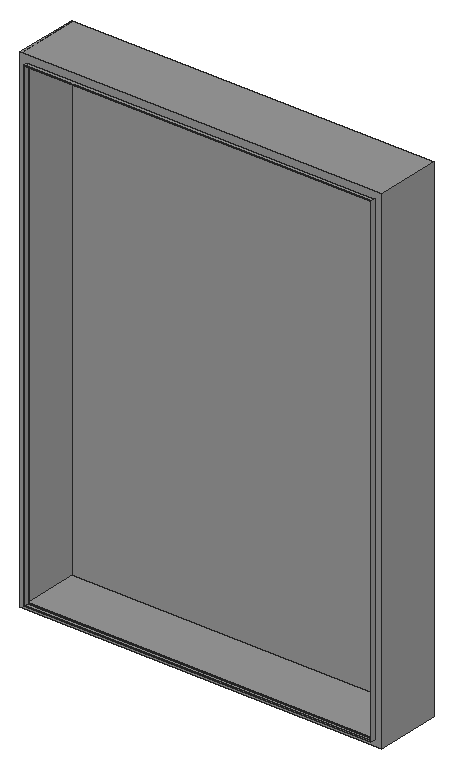
Revit family "Hager-Univers-IP44-D161-Cl.II-FWB-encl--NoHosted-CH-fr", category Electrical Equipment, Revit 2020
Family settings
  Panel Configuration = Two Columns, Circuits Across
  Round Connector Dimension = Use Diameter
  Part Type = Panelboard
  Work Plane-Based = Yes
  Always vertical = Yes
  Cut with Voids When Loaded = No
  Shared = No
  Room Calculation Point = No
Parameters (values of type "saillie IP44 L800 H1100 P161  - FWB73D1")
  Width Control [instance] = if([EF000008 - largeur] > Min Width, [EF000008 - largeur], Min Width)  # 800 mm
  Type Comments = [HG000003 - Gamme]  # "Univers"
  Thickness Door [instance] = if([EF009171 - épaisseur de matériau de la porte/du couvercle] > 3 mm, 3 mm, [EF009171 - épaisseur de matériau de la porte/du couvercle])  # 1 mm
  Seal Frame Offset [instance] = 17 mm  # constant formula
  Plinth Visibility [instance] = [HG000027 - Hauteur du socle] > 0 mm  # no
  Min Width [instance] = 100 mm  # constant formula
  Min Depth [instance] = (2 * [EF009170 - épaisseur de matériau du boîtier]) + 1 mm  # 5 mm
  Min Height [instance] = 100 mm  # constant formula
  Internal Frame Depth [instance] = (Door System Depth * 0.5)  # 9 mm
  Panel Name [instance] = ""  # (empty or 0)
  Model = ""
  HG000027 - Hauteur du socle = 0 mm
  HG000026 - Installation au sol = no
  HG000024 - Hauteur de la section basse = 600 mm
  HG000023 - Armoire double section = no
  HG000016 - Visibilité de la porte 3D [instance] = yes
  HG000015 - Visibilité de l'emprise de la porte [instance] = no
  HG000014 - Porte à droite [instance] = yes
  HG000013 - Porte à gauche [instance] = not([HG000014 - Porte à droite])  # no
  HG000012 - Angle de pivotement de la porte [instance] = 30.00°
  HG000010 - Portes asymétriques = no
  HG000009 - Porte à double battant = no
  HG000006 - Encastré = no
  HG000004 - Référence fabricant = "FWB73D1"
  HG000003 - Gamme = "Univers"
  HG000002 - avec porte = no
  Frame Offset Bottom [instance] = 10 mm  # constant formula
  Frame Offset [instance] = 15 mm  # constant formula
  EF015940 - couvercle avec décharge de pression = no
  EF011959 - degré de protection (NEMA) = ""
  EF009554 - nombre d'ouvertures pour plaques à bride = 6
  EF009212 - finition du couvercle = "EV009916 - avec échancrure"
  EF009171 - épaisseur de matériau de la porte/du couvercle = 1 mm
  EF009170 - épaisseur de matériau du boîtier = 2 mm
  EF008873 - courant nominal (In) = 125 A
  EF007800 - adapté à un parafoudre = no
  EF006306 - avec serrure = no
  EF006244 - couvercle/porte transparent(e) = no
  EF005474 - indice de protection (IP) = "EV006418 - IP44"
  EF004464 - type de porte = "EV000494 - sans"
  EF004427 - nombre de modules = 252
  EF004293 - indice de protection contre les chocs (IK) = "EV006815 - IK09"
  EF003532 - convient pour utilisation à l’extérieur = no
  EF002950 - largeur en nombre de modules = 12
  EF001613 - maintien de fonction = "EV000494 - sans"
  EF001596 - matériau du boîtier/corps = "EV000179 - acier"
  EF001131 - profondeur intérieure = 160 mm
  EF001088 - possibilité de montage en saillie = yes
  EF000437 - nombre d'entrées de conduit = 12
  EF000339 - type de capot = "EV004216 - porte"
  EF000266 - nombre de rangées = 0
  EF000218 - profondeur d'encastrement = 0 mm
  EF000118 - avec cadre/support de montage = no
  EF000116 - numéro RAL = "9010"
  EF000049 - profondeur = 161 mm
  EF000040 - hauteur = 1100 mm
  EF000008 - largeur = 800 mm
  EF000007 - couleur = "EV000202 - blanc"
  EF000003 - mode de pose = "EV000384 - saillie"
  Door System Leaf Tolerance [instance] = 1.5 mm  # constant formula
  Door System Depth [instance] = 18 mm  # constant formula
  Door Height [instance] = Height Control - [HG000027 - Hauteur du socle]  # 1100 mm
  Description = ""
  Default Elevation = 1219.2 mm
  Connector Offset [instance] = Height Control / 2  # 550 mm
  Manufacturer = "Hager"  # constant formula
  Height Control [instance] = if([EF000040 - hauteur] > Min Height, [EF000040 - hauteur], Min Height)  # 1100 mm
  Depth Control [instance] = if([EF000049 - profondeur] > Min Depth, [EF000049 - profondeur], Min Depth)  # 161 mm
  Bottom Top Plate Trim [instance] = 1.5 mm  # constant formula
  Plinth height Ctrl [instance] = if([HG000027 - Hauteur du socle] > 0 mm, [HG000027 - Hauteur du socle], 12 mm)  # 12 mm
Reference planes
  plane 1 "Center (Front/Back)": y = 0
  plane 2: z = 0
  plane 3 "Center (Left/Right)": x = 0
  plane 4: y = 0
  plane 5: y = 0
  plane 6: z = 0
  plane 7: x = -400
  plane 8: x = 400
  plane 9: x = 398
  plane 10: x = -398
  plane 11: z = 0
  plane 12: z = 2
  plane 13: y = -161
  plane 14: y = -2
  plane 15: x = 0
  plane 16: y = -143
  plane 17: y = -159
  plane 18: y = -141
  plane 19: x = -383
  plane 20: x = 383
  plane 21: z = 12
  plane 22: x = -383
  plane 23: x = 383
  plane 24: z = 0
  plane 25: z = 1100
  plane 26: z = 1100
  plane 27: z = 1083
  plane 28: z = 1098
Forms (mm)
  Extrusion 1, solid, material "Hager_Steel_RAL7035_Light_Grey", detail levels medium+fine
    sketch origin (-208.679, -4572, 0) x (-1, 0, 0) y (0, -1, 0)
      loop
        line (191.321, -4429) -> (-608.679, -4429) -> (-608.679, -4572) -> (191.321, -4572) -> (191.321, -4429)
    from 0 to 1100
  Extrusion 2, void
    sketch origin (-350.771, -161, 1219.2) x (1, 0, 0) y (0, 0, 1)
      loop
        line (-47.229, -121.2) -> (-47.229, -1217.2) -> (748.771, -1217.2) -> (748.771, -121.2) -> (-47.229, -121.2)
    from -20 to -159
  Extrusion 3, void
    sketch origin (-290.084, -143, 1219.2) x (1, 0, 0) y (0, 0, 1)
      loop
        line (-92.916, -1207.2) -> (673.084, -1207.2) -> (673.084, -136.2) -> (-92.916, -136.2) -> (-92.916, -1207.2)
    from 0 to -2
  Extrusion 4, solid, material "Hager_Steel_RAL7035_Light_Grey", visible <- "Plinth Visibility", detail levels medium+fine
    sketch origin (0, 0, 0) x (1, 0, 0) y (0, 1, 0)
      loop
        line (-400, 0) -> (-400, -143) -> (400, -143) -> (400, 0) -> (-400, 0)
    from 0 to 12 <- "Plinth height Ctrl"
  Extrusion 5, solid, material "Hager_Steel_RAL7035_Light_Grey", detail levels coarse
    sketch origin (0, 0, 0) x (1, 0, 0) y (0, 1, 0)
      loop
        line (-400, 0) -> (-400, -161) -> (400, -161) -> (400, 0) -> (-400, 0)
    from 0 to 1100 <- "Height Control"
  Sweep 6, void
    path in 3D
      loop
        line (-400, -143, 12) -> (400, -143, 12) -> (400, 0, 12) -> (-400, 0, 12) -> (-400, -143, 12)
    profile origin (-400, -71.5, 12) x (1, 0, 0) y (0, 0, 1)
      loop
        line (0, 0) -> (0, -1.5) -> (1.5, -1.5)
        arc (1.5, -1.5) -> (1.061, -0.439) -> (0, 0) r 1.5
  Extrusion 7, solid, material "Hager_Steel_RAL7035_Light_Grey", detail levels fine
    sketch origin (-400, -143, 0) x (1, 0, 0) y (0, 0, 1)
      loop
        line (17, 12) -> (783, 12) -> (783, 1083) -> (17, 1083) -> (17, 12)
      loop
        line (16, 11) -> (784, 11) -> (784, 1084) -> (16, 1084) -> (16, 11)
    from 0 to 9 <- "Internal Frame Depth"
Cuts and joins
  Extrusion 2, Extrusion 3 cuts Extrusion 1
  Sweep 6 cuts Extrusion 4
Lines and regions (mm)
  Masking region 1
    outline origin (0, 0, 0) x (1, 0, 0) y (0, 1, 0)
      loop
        line (-400, 0) -> (-400, -161) -> (400, -161) -> (400, 0) -> (-400, 0)
  Masking region 2, detail levels coarse
    outline origin (-290.084, -143, 1219.2) x (-1, 0, 0) y (0, 0, 1)
      loop
        line (-690.084, -1219.2) -> (109.916, -1219.2) -> (109.916, -119.2) -> (-690.084, -119.2) -> (-690.084, -1219.2)
  Masking region 3, detail levels coarse
    outline origin (0, 0, 0) x (0, 1, 0) y (0, 0, 1)
      loop
        line (0, 0) -> (0, 1100) -> (-161, 1100) -> (-161, 0) -> (0, 0)
  Masking region 4, visible <- "Plinth Visibility", detail levels medium+fine
    outline origin (0, 0, 0) x (0, 1, 0) y (0, 0, 1)
      loop
        line (-1.5, 12) -> (-141.5, 12)
        arc (-141.5, 12) -> (-141.939, 10.939) -> (-143, 10.5) r 1.5
        line (-143, 10.5) -> (-143, 0) -> (0, 0) -> (0, 10.5)
        arc (0, 10.5) -> (-1.061, 10.939) -> (-1.5, 12) r 1.5
  Masking region 5, detail levels medium+fine
    outline origin (0, 0, 594.038) x (0, 1, 0) y (0, 0, 1)
      loop
        line (0, -594.038) -> (0, 505.962) -> (-143, 505.962) -> (-143, -594.038) -> (0, -594.038)
  Masking region 6, detail levels medium+fine
    outline origin (-359.7, -143, 1211.883) x (-1, 0, 0) y (0, 0, 1)
      loop
        line (-759.7, -1211.883) -> (40.3, -1211.883) -> (40.3, -111.883) -> (-759.7, -111.883) -> (-759.7, -1211.883)
  Masking region 7, visible <- "Plinth Visibility", detail levels medium+fine
    outline origin (-320.334, -143, 1041.368) x (-1, 0, 0) y (0, 0, 1)
      loop
        line (-720.334, -1041.368) -> (79.666, -1041.368) -> (79.666, -1030.868)
        arc (79.666, -1030.868) -> (78.606, -1030.429) -> (78.166, -1029.368) r 1.5
        line (78.166, -1029.368) -> (-718.834, -1029.368)
        arc (-718.834, -1029.368) -> (-719.273, -1030.429) -> (-720.334, -1030.868) r 1.5
        line (-720.334, -1030.868) -> (-720.334, -1041.368)
  sketch lines
    curve 1: line (-400, 0, 12) -> (-400, -143, 12)
    curve 2: line (-400, -143, 12) -> (400, -143, 12)
    curve 3: line (400, 0, 12) -> (-400, 0, 12)
    curve 4: line (400, -143, 12) -> (400, 0, 12)
Dimensions and locks
  locked: plane 1 "Center (Front/Back)" to plane 5
  "EF009170 - épaisseur de matériau du boîtier": plane 7 to plane 10
  "EF009170 - épaisseur de matériau du boîtier": plane 8 to plane 9
  equal spacing: plane 7, plane 3 "Center (Left/Right)", plane 8
  "Width Control": plane 7 to plane 8
  "Depth Control": plane 4 to plane 13
  "EF009170 - épaisseur de matériau du boîtier": plane 4 to plane 14
  "Height Control": plane 25 to level
  "HG000027 - Hauteur du socle": plane 11 to level
  "EF009170 - épaisseur de matériau du boîtier": plane 12 to plane 11
  "EF009170 - épaisseur de matériau du boîtier": plane 17 to plane 13
  "EF009170 - épaisseur de matériau du boîtier": plane 18 to plane 16
  "Frame Offset Bottom": plane 21 to plane 12
  "Frame Offset": plane 10 to plane 19
  "Frame Offset": plane 9 to plane 20
  "Door System Depth": plane 16 to plane 13
  "Seal Frame Offset": plane 7 to plane 22
  "Seal Frame Offset": plane 8 to plane 23
  "EF009170 - épaisseur de matériau du boîtier": plane 26 to plane 28
  "Frame Offset": plane 28 to plane 27
  "Connector Offset": plane 2 to connector elem
  "Bottom Top Plate Trim": profile plane to Sweep 6 sketch curve
  "Bottom Top Plate Trim": Sweep 6 sketch curve to Sweep 6 sketch curve
  "Plinth height Ctrl": Masking region 4 sketch curve to level
  "Plinth height Ctrl": Masking region 7 sketch curve to level
  "Thickness Door": Extrusion 7 sketch curve to Extrusion 7 sketch curve  (x4)
  "Bottom Top Plate Trim": radius of Sweep 6 sketch curve
  "Bottom Top Plate Trim": radius of Masking region 4 sketch curve  (x2)
  "Bottom Top Plate Trim": radius of Masking region 7 sketch curve  (x2)
  aligned and locked: Extrusion 2 sketch curve to plane 12
  aligned and locked: Extrusion 2 sketch curve to plane 9
  aligned and locked: Extrusion 2 sketch curve to plane 10
  aligned and locked: Extrusion 2 to plane 14
  aligned and locked: Extrusion 1 sketch curve to plane 4
  aligned and locked: plane 8 to Extrusion 1 sketch curve
  aligned and locked: plane 7 to Extrusion 1 sketch curve
  aligned and locked: Extrusion 2 to plane 18
  aligned and locked: Extrusion 3 sketch curve to plane 19
  aligned and locked: plane 20 to Extrusion 3 sketch curve
  aligned and locked: Extrusion 3 to Extrusion 2
  aligned and locked: Extrusion 3 sketch curve to plane 21
  aligned and locked: plane 3 "Center (Left/Right)" to nested 1
  aligned and locked: Extrusion 1 sketch curve to plane 16
  aligned and locked: Extrusion 4 sketch curve to cut or joined group of Extrusion 1, Extrusion 2, Extrusion 3
  aligned and locked: Masking region 1 sketch curve to plane 7
  aligned and locked: Masking region 1 sketch curve to plane 5
  aligned and locked: Masking region 1 sketch curve to plane 8
  aligned and locked: Masking region 2 sketch curve to level
  aligned and locked: level to Masking region 3 sketch curve
  aligned and locked: plane 1 "Center (Front/Back)" to Masking region 3 sketch curve
  aligned and locked: plane 13 to Masking region 3 sketch curve
  aligned and locked: plane 5 to Masking region 4 sketch curve
  aligned and locked: Masking region 2 sketch curve to plane 8
  aligned and locked: Masking region 2 sketch curve to plane 7
  aligned and locked: plane 7 to nested 2
  aligned and locked: nested 2 to plane 5
  aligned and locked: plane 5 to Masking region 5 sketch curve
  aligned and locked: plane 26 to Masking region 5 sketch curve
  aligned and locked: Extrusion 5 sketch curve to plane 8
  aligned and locked: Extrusion 5 sketch curve to plane 7
  aligned and locked: Extrusion 5 sketch curve to plane 5
  aligned and locked: Extrusion 3 sketch curve to plane 27
  aligned and locked: Extrusion 2 sketch curve to plane 28
  aligned and locked: Masking region 2 to plane 25
  aligned and locked: Extrusion 4 to plane 16
  aligned and locked: profile plane to Sweep 6 sketch curve
  aligned and locked: Masking region 5 sketch curve to plane 24
  aligned and locked: level to Masking region 4 sketch curve
  aligned and locked: Masking region 1 to plane 13
  aligned and locked: nested 1 to plane 16
  aligned and locked: Masking region 3 to plane 25
  aligned and locked: plane 16 to Masking region 4 sketch curve
  aligned and locked: Masking region 5 sketch curve to plane 16
  aligned and locked: plane 24 to plane 11
  aligned and locked: plane 26 to plane 25
  aligned and locked: plane 26 to cut or joined group of Extrusion 1, Extrusion 2, Extrusion 3
  aligned and locked: nested 1 to plane 24
  aligned and locked: Extrusion 1 to Extrusion 3
  aligned and locked: Masking region 6 sketch curve to plane 8
  aligned and locked: Masking region 6 sketch curve to plane 24
  aligned and locked: Masking region 6 sketch curve to plane 7
  aligned and locked: Masking region 6 sketch curve to plane 26
  aligned and locked: Masking region 7 sketch curve to plane 7
  aligned and locked: level to Masking region 7 sketch curve
  aligned and locked: Masking region 7 sketch curve to plane 8
  aligned and locked: Extrusion 7 sketch curve to cut or joined group of Extrusion 1, Extrusion 2, Extrusion 3  (x4)
Automatic sketch dimensions
  plane 19 to Extrusion 3 sketch curve = 0 mm
  Extrusion 3 sketch curve to plane 20 = 0 mm
  Extrusion 3 sketch curve to plane 21 = 0 mm
  Extrusion 4 sketch curve to plane 7 = 0 mm
  Extrusion 4 sketch curve to plane 8 = 0 mm
  Extrusion 4 sketch curve to plane 16 = 0 mm
  Masking region 1 sketch curve to plane 13 = 0 mm
  Masking region 2 sketch curve to plane 25 = 0 mm
  Masking region 3 sketch curve to plane 25 = 0 mm
  Extrusion 5 sketch curve to plane 13 = 0 mm
  profile plane to Sweep 6 sketch curve = 0 mm
Nested families
  nested 1: "EC000058_Univers_Door" at (0, -143, 0), Double <- "HG000009 - Porte à double battant", Transparent <- "EF006244 - couvercle/porte transparent(e)", Angle <- "HG000012 - Angle de pivotement de la porte", Door_Right <- "HG000014 - Porte à droite", Assymetrical <- "HG000010 - Portes asymétriques", Door <- "HG000002 - avec porte", Width_Ctrl <- "Width Control", 3d_Door <- "HG000016 - Visibilité de la porte 3D", Clearance <- "HG000015 - Visibilité de l'emprise de la porte", Door_Left <- "HG000013 - Porte à gauche", Width <- "Width Control", Door_Depth <- "Door System Depth", Leaf_Tolerance <- "Door System Leaf Tolerance", Height <- "Door Height", Lock_Visibility <- "EF006306 - avec serrure", Thickness <- "Thickness Door", type "EC000058_Univers_Door", detail levels medium+fine
    with min_wh 3 mm, Width_Ctrl 800 mm, Width 800 mm, Transparent no, Thickness 1 mm, Seal_Material Hager_Rubber, Lock_Visibility no, Lock_Material Hager_Plastic_RAL9005_Jet_Black, Leaf_Width 800 mm, Leaf_Tolerance_External_Sides 0 mm, Leaf_Tolerance 1.5 mm, Leaf_Offset 0 mm, Leaf_Height 1097 mm, Leaf_2_Width 800 mm, Leaf_2_Offset 400 mm, Leaf_1_Width 800 mm, Leaf_1_Offset 400 mm, Height_Ctrl 1100 mm, Height 1100 mm, Glass_Material Hager_Glass, Double_Clearance_Ctrl no, Double no, Door_Right_Ctrl no, Door_Right yes, Door_Material Hager_Steel_RAL7035_Light_Grey, Door_Left_Ctrl no, Door_Left no, Door_Depth 18 mm, Door no, Clearance_Material Hager_Clearance, Clearance_Depth 800 mm, Clearance_Ctrl no, Clearance no, Assymetrical no, Angle 30.00°, 3d_Door yes
  nested 2: "Hager_Enclosure_Symbol" at (-400, 0, 0), Height <- "Depth Control", Width <- "Width Control", type "Hager_Enclosure_Symbol"
    with Width_Ctrl 800 mm, Width 800 mm, Height_Ctrl 161 mm, Height 161 mm, A_Width_Int 10.566 mm, A_Width 126.788 mm, A_Height_Ctrl 140.875 mm, A_Height 140.875 mm
Connectors
  electrical at (0, 0, 550)
    settings: on plane 1 "Center (Front/Back)", index 1, voltage 0 V, apparent load 0 VA, apparent load phase1 0 VA, apparent load phase2 0 VA, apparent load phase3 0 VA, power factor 1, load classification "Other", number of poles 1, system type 30, power factor state 1, is connector primary yes, connector utility no, sub classification motor no, connector description ""
Definition of nested family "EC000058_Univers_Door"
  Parameters (values of type "EC000058_Univers_Door")
    min_wh [instance] = (2 * Thickness) + 1 mm  # 11 mm
    Width_Ctrl [instance] = 400 mm
    Width [instance] = 500 mm
    Transparent [instance] = yes
    Thickness [instance] = 5 mm
    Seal_Material [instance] = none
    Lock_Visibility [instance] = yes
    Lock_Material [instance] = none
    Leaf_Width [instance] = if((Width_Ctrl - 2 * Leaf_Tolerance_External_Sides) > 0 mm, (Width_Ctrl - 2 * Leaf_Tolerance_External_Sides), min_wh)  # 400 mm
    Leaf_Tolerance_External_Sides [instance] = 0 mm  # constant formula
    Leaf_Tolerance [instance] = 1.5 mm
    Leaf_Offset [instance] = 0 mm  # constant formula
    Leaf_Height [instance] = if((Height_Ctrl - 2 * Leaf_Tolerance) > 0 mm, (Height_Ctrl - 2 * Leaf_Tolerance), min_wh)  # 497 mm
    Leaf_2_Width [instance] = if(and(and(Double, Assymetrical), Door_Left), (Leaf_Width / 3) - (Leaf_Tolerance / 2), if(and(and(Double, Assymetrical), Door_Right), (Leaf_Width / 3) * 2 - (Leaf_Tolerance / 2), if(and(Double, not(Assymetrical)), (Leaf_Width / 2) - Leaf_Tolerance, Leaf_Width)))  # 400 mm
    Leaf_2_Offset [instance] = if(and(Double, Assymetrical), Leaf_2_Width / 2, if(and(Double, not(Assymetrical)), Leaf_Width / 4, Leaf_Width / 2))  # 200 mm
    Leaf_1_Width [instance] = if(and(and(Double, Assymetrical), Door_Right), (Leaf_Width / 3) - (Leaf_Tolerance / 2), if(and(and(Double, Assymetrical), Door_Left), (Width / 3) * 2 - (Leaf_Tolerance / 2), if(and(Double, not(Assymetrical)), (Leaf_Width / 2) - Leaf_Tolerance, Leaf_Width)))  # 400 mm
    Leaf_1_Offset [instance] = if(and(Double, Assymetrical), Leaf_1_Width / 2, if(and(Double, not(Assymetrical)), Leaf_Width / 4, Leaf_Width / 2))  # 200 mm
    Height_Ctrl [instance] = if(Height > min_wh, Height, min_wh)  # 500 mm
    Height [instance] = 500 mm
    Glass_Material [instance] = none
    Double_Clearance_Ctrl [instance] = and(Double, Clearance)  # no
    Double [instance] = no
    Door_Right_Ctrl [instance] = and(or(Door_Right, Double), Door)  # yes
    Door_Right [instance] = yes
    Door_Material [instance] = none
    Door_Left_Ctrl [instance] = and(or(Door_Left, Double), Door)  # no
    Door_Left [instance] = no
    Door_Depth [instance] = 30 mm
    Door [instance] = yes
    Default Elevation = 1219.2 mm
    Clearance_Material [instance] = none
    Clearance_Depth [instance] = if(Leaf_1_Width > Leaf_2_Width, Leaf_1_Width, Leaf_2_Width)  # 400 mm
    Clearance_Ctrl [instance] = and(not(Double), Clearance)  # yes
    Clearance [instance] = yes
    Assymetrical [instance] = yes
    Angle [instance] = 30.00°
    3d_Door [instance] = yes
  Reference planes
    plane 1 "Center (Front/Back)": y = 0
    plane 2 "Bottom": z = 0
    plane 3 "Center (Left/Right)": x = 0
    plane 4: z = 500
    plane 5: x = -200
    plane 6: x = 200
    plane 7: z = 500
    plane 8: x = -200
    plane 9: z = 0
    plane 10: x = 200
    plane 11: y = 0
    plane 12: z = 1.5
    plane 13: x = -600
    plane 14: y = -400
    plane 15: x = 600
    plane 16: x = 0
    plane 17: x = 0
    plane 18: x = -200
    plane 19: x = 200
    plane 20: z = 498.5
  Forms (mm)
    Extrusion 1, solid, material <- "Clearance_Material", visible <- "Double_Clearance_Ctrl"
      sketch origin (1200, 0, 0) x (1, 0, 0) y (0, 0, -1)
        loop
          line (-1800, -498.5) -> (-600, -498.5) -> (-600, 0) -> (-1800, 0) -> (-1800, -498.5)
      from 0 to -400
  Dimensions and locks
    equal spacing: plane 5, plane 3 "Center (Left/Right)", plane 6
    "Width_Ctrl": plane 5 to plane 6
    "Leaf_Offset": plane 5 to plane 8
    "Leaf_Offset": plane 6 to plane 10
    "Leaf_Offset": plane 9 to level
    "Leaf_Offset": plane 4 to plane 7
    "Height_Ctrl": plane 4 to level
    "Leaf_Tolerance": plane 12 to plane 9
    locked: plane 11 to plane 1 "Center (Front/Back)"
    "Leaf_1_Offset": plane 18 to plane 16
    "Leaf_2_Offset": plane 17 to plane 19
    "Leaf_1_Width": plane 13 to plane 8
    "Leaf_2_Width": plane 10 to plane 15
    "Clearance_Depth": plane 14 to plane 1 "Center (Front/Back)"
    "Leaf_Tolerance_External_Sides": plane 8 to plane 18
    "Leaf_Tolerance_External_Sides": plane 19 to plane 10
    "Leaf_Tolerance": plane 7 to plane 20
    aligned and locked: level to plane 2 "Bottom"
    aligned and locked: nested 1 to plane 16
    aligned and locked: nested 2 to plane 17
    aligned and locked: Extrusion 1 to plane 13
    aligned and locked: plane 15 to Extrusion 1
    aligned and locked: Extrusion 1 to plane 14
    aligned and locked: plane 12 to nested 1
    aligned and locked: nested 2 to plane 12
    aligned and locked: Extrusion 1 to plane 11
    aligned and locked: plane 20 to Extrusion 1
    aligned and locked: nested 2 to plane 11
    aligned and locked: nested 1 to plane 11
  Automatic sketch dimensions
    Extrusion 1 sketch curve to level = 0 mm
    plane 5 to Extrusion 1 sketch curve = 400 mm
    plane 6 to Extrusion 1 sketch curve = 400 mm
    Extrusion 1 sketch curve to plane 4 = 1.5 mm
  Nested families
    nested 1: "EC000058_Univers_Door_Leaf" at (0, 0, 1.5), Width <- "Leaf_1_Width", visible <- "Door_Left_Ctrl", Leaf_Height <- "Leaf_Height", Angle <- "Angle", 3d_Door <- "3d_Door", Transparent <- "Transparent", Clearance Material <- "Clearance_Material", Clearance <- "Clearance_Ctrl", Door_Material <- "Door_Material", Glass_Material <- "Glass_Material", Door_Depth <- "Door_Depth", Lock_Material <- "Lock_Material", Seal_Material <- "Seal_Material", Lock_Visibility <- "Lock_Visibility", Thickness <- "Thickness", type "EC000058_Univers_Door_Leaf"
      with Width 400 mm, Transparent_Glass_Offset 30 mm, Transparent_Ctrl yes, Transparent yes, Thickness 5 mm, Standard no, Seal_Material none, Seal_D2 8 mm, Seal_D1 1 mm, Offset_Internal_Frame 10 mm, Lock_Width 20 mm, Lock_Visibility_3d yes, Lock_Visibility yes, Lock_Thickness_3 3 mm, Lock_Thickness_2 1 mm, Lock_Thickness_1 3 mm, Lock_Radius_Offset_2 16 mm, Lock_Radius_Offset_1 15 mm, Lock_Radius_2 5 mm, Lock_Radius 6 mm, Lock_Offset 5 mm, Lock_Material none, Lock_Height 80 mm, Lock_Cover_Top_Offset_2d 17 mm, Lock_Cover_Height -65 mm, Leaf_Height 497 mm, Internal_Seal_Thickness 8 mm, Internal_Seal_Depth_2 4.5 mm, Internal_Frame_Depth 25 mm, Glass_Thickness -1 mm, Glass_Offset -2 mm, Glass_Material none, Door_Material none, Door_Depth 30 mm, Clearance Material none, Clearance yes, Angle_Ctrl 30.00°, Angle 30.00°, 3d_Door yes
    nested 2: "EC000058_Univers_Door_Leaf" at (0, 0, 1.5) x (-1, 0, 0) z (0, 0, 1), Width <- "Leaf_2_Width", visible <- "Door_Right_Ctrl", Leaf_Height <- "Leaf_Height", Angle <- "Angle", 3d_Door <- "3d_Door", Transparent <- "Transparent", Clearance Material <- "Clearance_Material", Clearance <- "Clearance_Ctrl", Door_Material <- "Door_Material", Glass_Material <- "Glass_Material", Door_Depth <- "Door_Depth", Lock_Material <- "Lock_Material", Seal_Material <- "Seal_Material", Lock_Visibility <- "Lock_Visibility", Thickness <- "Thickness", type "EC000058_Univers_Door_Leaf"
      with Width 400 mm, Transparent_Glass_Offset 30 mm, Transparent_Ctrl yes, Transparent yes, Thickness 5 mm, Standard no, Seal_Material none, Seal_D2 8 mm, Seal_D1 1 mm, Offset_Internal_Frame 10 mm, Lock_Width 20 mm, Lock_Visibility_3d yes, Lock_Visibility yes, Lock_Thickness_3 3 mm, Lock_Thickness_2 1 mm, Lock_Thickness_1 3 mm, Lock_Radius_Offset_2 16 mm, Lock_Radius_Offset_1 15 mm, Lock_Radius_2 5 mm, Lock_Radius 6 mm, Lock_Offset 5 mm, Lock_Material none, Lock_Height 80 mm, Lock_Cover_Top_Offset_2d 17 mm, Lock_Cover_Height -65 mm, Leaf_Height 497 mm, Internal_Seal_Thickness 8 mm, Internal_Seal_Depth_2 4.5 mm, Internal_Frame_Depth 25 mm, Glass_Thickness -1 mm, Glass_Offset -2 mm, Glass_Material none, Door_Material none, Door_Depth 30 mm, Clearance Material none, Clearance yes, Angle_Ctrl 30.00°, Angle 30.00°, 3d_Door yes
  Definition of nested family "EC000058_Univers_Door_Leaf"
    Parameters (values of type "EC000058_Univers_Door_Leaf")
      Width [instance] = 2000 mm
      Transparent_Glass_Offset [instance] = 30 mm
      Transparent_Ctrl [instance] = and(Transparent, [3d_Door])  # yes
      Transparent [instance] = yes
      Thickness [instance] = 5 mm
      Standard [instance] = and(not(Transparent), [3d_Door])  # no
      Seal_Material [instance] = none
      Seal_D2 [instance] = 8 mm  # constant formula
      Seal_D1 [instance] = 1 mm  # constant formula
      Offset_Internal_Frame [instance] = 10 mm  # constant formula
      Lock_Width [instance] = 20 mm  # constant formula
      Lock_Visibility_3d [instance] = and(Lock_Visibility, [3d_Door])  # yes
      Lock_Visibility [instance] = yes
      Lock_Thickness_3 [instance] = 3 mm  # constant formula
      Lock_Thickness_2 [instance] = 1 mm  # constant formula
      Lock_Thickness_1 [instance] = 3 mm  # constant formula
      Lock_Radius_Offset_2 [instance] = Lock_Radius_Offset_1 + 1 mm  # 16 mm
      Lock_Radius_Offset_1 [instance] = 15 mm  # constant formula
      Lock_Radius_2 [instance] = Lock_Radius - 1 mm  # 5 mm
      Lock_Radius [instance] = 6 mm  # constant formula
      Lock_Offset [instance] = 5 mm  # constant formula
      Lock_Material [instance] = none
      Lock_Height [instance] = 80 mm  # constant formula
      Lock_Cover_Top_Offset_2d [instance] = Lock_Radius_Offset_2 + 1 mm  # 17 mm
      Lock_Cover_Height [instance] = -(Lock_Height - Lock_Radius_Offset_1)  # -65 mm
      Leaf_Height [instance] = 2720.336 mm
      Internal_Seal_Thickness [instance] = 8 mm  # constant formula
      Internal_Seal_Depth_2 [instance] = 4.5 mm  # constant formula
      Internal_Frame_Depth [instance] = if(Door_Depth - Thickness > 5 mm, Door_Depth - Thickness, 5 mm)  # 25 mm
      Glass_Thickness [instance] = if(Thickness > 15 mm, Glass_Offset + 10 mm, -1 mm)  # -1 mm
      Glass_Offset [instance] = if(Thickness > 15 mm, -(Thickness + 10 mm) / 2, -2 mm)  # -2 mm
      Glass_Material [instance] = none
      Door_Material [instance] = none
      Door_Depth [instance] = 30 mm
      Default Elevation = 0 mm
      Clearance Material [instance] = none
      Clearance [instance] = yes
      Angle_Ctrl [instance] = if(Angle > 180.00°, 180.00°, Angle)  # 90.00°
      Angle [instance] = 90.00°
      3d_Door [instance] = yes
    Reference planes
      plane 1 "Center (Front/Back)": y = 0
      plane 2: z = 0
      plane 3 "Center (Left/Right)": x = 0
      plane 4: y = 2000
      plane 5: x = -1000
      plane 6: x = 1000
      plane 7: x = -3000
      plane 8: z = 2720.336
      plane 9: z = 30
      plane 10: z = 2690.336
      plane 11: x = 970
      plane 12: x = -970
      plane 13: y = -3
      plane 14: z = 107.833
      plane 15: y = -5
      plane 16: y = -223.314
      plane 17: x = -1000
      plane 18: z = 1360.168
      plane 19: y = 30
    Forms (mm)
      Extrusion 1, solid, material <- "Clearance Material", visible <- "Clearance"
        sketch origin (0, 0, 0) x (1, 0, 0) y (0, 0, 1)
          loop
            line (-3000, 2720.336) -> (-3000, 0) -> (1000, 0) -> (1000, 2720.336) -> (-3000, 2720.336)
        from 0 to -2000
      Extrusion 2, solid, material <- "Door_Material", visible <- "Standard", detail levels medium+fine
        sketch origin (-1000, 0, 0) x (0, 1, 0) y (-1, 0, 0)
          loop
            line (0, 30) -> (0, 25) -> (2000, 25) -> (2000, 30) -> (0, 30)
        from 0 to 2720.336 <- "Leaf_Height"
      Extrusion 3, solid, material <- "Door_Material", visible <- "Transparent_Ctrl", detail levels medium+fine
        sketch origin (-1000, 0, 0) x (0, 1, 0) y (-1, 0, 0)
          loop
            line (0, 25) -> (2000, 25) -> (2000, 30) -> (0, 30) -> (0, 25)
        from 0 to 2720.336 <- "Leaf_Height"
      Extrusion 4, void
        sketch origin (-1025, 2000, 0) x (0, 1, 0) y (0, 0, -1)
          loop
            line (-30, -2690.336) -> (-30, -30) -> (-1970, -30) -> (-1970, -2690.336) -> (-30, -2690.336)
        from 0 to 5 <- "Thickness"
      Sweep 5, solid, material <- "Seal_Material", visible <- "Transparent_Ctrl", detail levels fine
        path in 3D
          loop
            line (-1025, 30, 30) -> (-1025, 30, 2690.336) -> (-1025, 1970, 2690.336) -> (-1025, 1970, 30) -> (-1025, 30, 30)
        profile origin (-1025, 1000, 30) x (1, 0, 0) y (0, 0, 1)
          loop
            line (0, 0) -> (0, -8) -> (1, -8) -> (1, 0) -> (0, 0)
      Extrusion 6, solid, material <- "Glass_Material", visible <- "Transparent_Ctrl", detail levels medium+fine
        sketch origin (-1030, 0, 0) x (0, 1, 0) y (0, 0, -1)
          loop
            line (1970, -2690.336) -> (1970, -30) -> (30, -30) -> (30, -2690.336) -> (1970, -2690.336)
        from -2 <- "Glass_Offset" to -1 <- "Glass_Thickness"
      Extrusion 7, solid, material <- "Door_Material", visible <- "3d_Door", detail levels medium+fine
        sketch origin (-1025, 2000, 0) x (0, -1, 0) y (0, 0, -1)
          loop
            line (0, -2720.336) -> (2000, -2720.336) -> (2000, 0) -> (0, 0) -> (0, -2720.336)
          loop
            line (1995, -5) -> (5, -5) -> (5, -2715.336) -> (1995, -2715.336) -> (1995, -5)
        from 0 to 25 <- "Internal_Frame_Depth"
      Sweep 8, solid, material <- "Seal_Material", visible <- "Transparent_Ctrl", detail levels fine
        path in 3D
          loop
            line (-1025, 0, 0) -> (-1025, 2000, 0) -> (-1025, 2000, 2720.336) -> (-1025, 0, 2720.336) -> (-1025, 0, 0)
        profile origin (-1025, 0, 1360.168) x (1, 0, 0) y (0, 1, 0)
          loop
            line (0, 10) -> (2.975, 10)
            arc (2.975, 10) -> (4.053, 10.447) -> (4.5, 11.525) r 1.525
            line (4.5, 11.525) -> (4.5, 16.527)
            arc (4.5, 16.527) -> (4.069, 17.569) -> (3.027, 18) r 1.473
            line (3.027, 18) -> (0, 18) -> (0, 10)
      Extrusion 9, solid, material <- "Lock_Material", visible <- "Lock_Visibility_3d", detail levels fine
        sketch origin (-1030, 0, 0) x (0, 1, 0) y (0, 0, -1)
          loop
            arc (1993.5, -1400.168) -> (1994.561, -1399.729) -> (1995, -1398.668) r 1.5
            line (1995, -1398.668) -> (1995, -1320.168) -> (1975, -1320.168) -> (1975, -1398.668)
            arc (1975, -1398.668) -> (1975.439, -1399.729) -> (1976.5, -1400.168) r 1.5
            line (1976.5, -1400.168) -> (1993.5, -1400.168)
        from 3 <- "Lock_Thickness_1" to 0
      Blend 10, solid, material <- "Lock_Material", visible <- "Lock_Visibility_3d", detail levels fine
        base sketch origin (-1033, 0, 0) x (0, 1, 0) y (0, 0, -1)
          loop
            line (1975, -1320.168) -> (1975, -1398.668)
            arc (1975, -1398.668) -> (1975.439, -1399.729) -> (1976.5, -1400.168) r 1.5
            line (1976.5, -1400.168) -> (1993.5, -1400.168)
            arc (1993.5, -1400.168) -> (1994.561, -1399.729) -> (1995, -1398.668) r 1.5
            line (1995, -1398.668) -> (1995, -1320.168) -> (1975, -1320.168)
        top sketch origin (-1033, 0, 0) x (0, 1, 0) y (0, 0, -1)
          loop
            line (1976, -1320.168) -> (1976, -1398.668)
            arc (1976, -1398.668) -> (1976.146, -1399.022) -> (1976.5, -1399.168) r 0.5
            line (1976.5, -1399.168) -> (1993.5, -1399.168)
            arc (1993.5, -1399.168) -> (1993.854, -1399.022) -> (1994, -1398.668) r 0.5
            line (1994, -1398.668) -> (1994, -1320.168) -> (1976, -1320.168)
        from 0 to 1 <- "Lock_Thickness_2"
      Blend 11, solid, material <- "Lock_Material", visible <- "Lock_Visibility_3d", detail levels fine
        base sketch origin (-1034, 0, 0) x (0, 1, 0) y (0, 0, -1)
          loop
            line (1978, -1320.168) -> (1978, -1384.168)
            arc (1978, -1384.168) -> (1985, -1391.168) -> (1992, -1384.168) r 7
            line (1992, -1384.168) -> (1992, -1320.168) -> (1978, -1320.168)
        top sketch origin (-1034, 0, 0) x (0, 1, 0) y (0, 0, -1)
          loop
            line (1991, -1320.168) -> (1979, -1320.168) -> (1979, -1383.168)
            arc (1979, -1383.168) -> (1985, -1389.168) -> (1991, -1383.168) r 6
            line (1991, -1383.168) -> (1991, -1320.168)
        from 0 to 3 <- "Lock_Thickness_3"
      Extrusion 12, solid, material <- "Lock_Material", visible <- "Lock_Visibility_3d", detail levels fine
        sketch origin (-1030, 1975, 1320.168) x (1, 0, 0) y (0, -1, 0)
          loop
            line (-7, -19) -> (-7, -1) -> (0, -1) -> (0, 0) -> (-8, 0) -> (-8, -20) -> (0, -20) -> (0, -19) -> (-7, -19)
        from 0 to -65 <- "Lock_Cover_Height"
      Extrusion 13, void
        sketch origin (-1038, 1995, 1320.168) x (-1, 0, 0) y (0, 0, -1)
          loop
            line (-5, -65) -> (0, -65) -> (-5, -60) -> (-5, -65)
        from 0 to 20 <- "Lock_Width"
      Extrusion 14, void
        sketch origin (-1038, 1975, 1320.168) x (0, -1, 0) y (0, 0, -1)
          loop
            circle (-10, -15.995) r 6
          loop
            circle (-10, -15.995) r 5
        from 0 to 2
      Extrusion 15, solid, material <- "Lock_Material", visible <- "Lock_Visibility_3d", detail levels medium
        sketch origin (-1030, 0, 0) x (0, 1, 0) y (0, 0, -1)
          loop
            arc (1993.5, -1400.168) -> (1994.561, -1399.729) -> (1995, -1398.668) r 1.5
            line (1995, -1398.668) -> (1995, -1320.168) -> (1975, -1320.168) -> (1975, -1398.668)
            arc (1975, -1398.668) -> (1975.439, -1399.729) -> (1976.5, -1400.168) r 1.5
            line (1976.5, -1400.168) -> (1993.5, -1400.168)
        from 8 to 0
    Cuts and joins
      Extrusion 4 cuts Extrusion 3
      Extrusion 13, Extrusion 14 cuts Extrusion 9
      Extrusion 14 cuts Blend 11
      Extrusion 13, Extrusion 14 cuts Extrusion 12
      joined: Extrusion 9, Blend 10, Blend 11, Extrusion 12
      Extrusion 14 cuts Extrusion 15
    Lines and regions (mm)
      Masking region 1, visible <- "Lock_Visibility", detail levels fine
        outline origin (0, 0, 0) x (0, 1, 0) y (0, 0, 1)
          loop
            line (30, 1320.168) -> (33, 1320.168) -> (33, 1400.168) -> (30, 1400.168) -> (30, 1320.168)
      Masking region 2, visible <- "Lock_Visibility", detail levels fine
        outline origin (0, 3.143, 0) x (0, 1, 0) y (0, 0, 1)
          loop
            line (29.857, 1354.168) -> (30.857, 1354.168) -> (30.857, 1366.168) -> (29.857, 1366.168) -> (29.857, 1354.168)
      Masking region 3, detail levels medium+fine
        outline origin (0, 0, 0) x (0, 1, 0) y (0, 0, 1)
          loop
            line (0, 0) -> (30, 0) -> (30, 2720.336) -> (0, 2720.336) -> (0, 0)
      Masking region 4, detail levels medium+fine
        outline origin (0, 0, 0) x (1, 0, 0) y (0, 0, 1)
          loop
            line (-1000, 2720.336) -> (-1000, 0) -> (1000, 0) -> (1000, 2720.336) -> (-1000, 2720.336)
      Masking region 5, visible <- "Lock_Visibility", detail levels fine
        outline origin (-47.116, 0, 0) x (1, 0, 0) y (0, 0, 1)
          loop
            arc (1024.616, 1399.168) -> (1023.556, 1398.729) -> (1023.116, 1397.668) r 1.5
            line (1023.116, 1397.668) -> (1023.116, 1320.168) -> (1041.116, 1320.168) -> (1041.116, 1397.668)
            arc (1041.116, 1397.668) -> (1040.677, 1398.729) -> (1039.616, 1399.168) r 1.5
            line (1039.616, 1399.168) -> (1024.616, 1399.168)
      Masking region 6, visible <- "Lock_Visibility", detail levels medium+fine
        outline origin (-25, 0, 0) x (1, 0, 0) y (0, 0, 1)
          loop
            arc (1001.5, 1400.168) -> (1000.439, 1399.729) -> (1000, 1398.668) r 1.5
            line (1000, 1398.668) -> (1000, 1320.168) -> (1020, 1320.168) -> (1020, 1398.668)
            arc (1020, 1398.668) -> (1019.561, 1399.729) -> (1018.5, 1400.168) r 1.5
            line (1018.5, 1400.168) -> (1001.5, 1400.168)
      Masking region 7, visible <- "Lock_Visibility", detail levels fine
        outline origin (-73.735, 0, 0) x (1, 0, 0) y (0, 0, 1)
          loop
            line (1051.735, 1382.168) -> (1065.735, 1382.168) -> (1065.735, 1384.168)
            arc (1065.735, 1384.168) -> (1058.735, 1391.168) -> (1051.735, 1384.168) r 7
            line (1051.735, 1384.168) -> (1051.735, 1382.168)
      Masking region 8, visible <- "Lock_Visibility", detail levels fine
        outline origin (-73.735, 0, 0) x (1, 0, 0) y (0, 0, 1)
          loop
            line (1052.735, 1382.168) -> (1064.735, 1382.168) -> (1064.735, 1383.168)
            arc (1064.735, 1383.168) -> (1058.735, 1389.168) -> (1052.735, 1383.168) r 6
            line (1052.735, 1383.168) -> (1052.735, 1382.168)
      Masking region 9, visible <- "Lock_Visibility", detail levels fine
        outline origin (-25, 0, 0) x (1, 0, 0) y (0, 0, 1)
          loop
            line (1020, 1320.168) -> (1020, 1382.168) -> (1000, 1382.168) -> (1000, 1320.168) -> (1020, 1320.168)
      Masking region 10, detail levels medium+fine
        outline origin (0, 0, 0) x (1, 0, 0) y (0, 0, 1)
          loop
            circle (985, 1335.144) r 6
      Masking region 11, detail levels fine
        outline origin (0, 0, 0) x (1, 0, 0) y (0, 0, 1)
          loop
            circle (985, 1335.144) r 5
      Masking region 12, visible <- "Lock_Visibility", detail levels fine
        outline origin (0, 12.767, 0) x (0, 1, 0) y (0, 0, 1)
          loop
            line (20.233, 1320.168) -> (21.233, 1320.168) -> (21.233, 1399.168) -> (20.233, 1400.168) -> (20.233, 1320.168)
      Masking region 13, visible <- "Lock_Visibility", detail levels fine
        outline origin (0, 13.767, -10) x (0, 1, 0) y (0, 0, 1)
          loop
            line (20.233, 1330.168) -> (23.233, 1330.168) -> (23.233, 1399.168) -> (20.233, 1402.168) -> (20.233, 1330.168)
      Masking region 14, visible <- "Lock_Visibility", detail levels fine
        outline origin (0, 12.767, -10) x (0, 1, 0) y (0, 0, 1)
          loop
            line (20.233, 1330.168) -> (25.233, 1330.168) -> (25.233, 1399.305) -> (20.233, 1394.305) -> (20.233, 1330.168)
      Masking region 15, visible <- "Lock_Visibility", detail levels medium
        outline origin (0, 0, 0) x (0, 1, 0) y (0, 0, 1)
          loop
            line (30, 1320.168) -> (38, 1320.168) -> (38, 1400.168) -> (30, 1400.168) -> (30, 1320.168)
      Masking region 16, visible <- "Lock_Visibility", detail levels fine
        outline origin (-1000, 0, 0) x (0, 1, 0) y (-1, 0, 0)
          loop
            line (1975, 30) -> (1995, 30) -> (1995, 38) -> (1975, 38) -> (1975, 30)
          loop
            line (1979, 37) -> (1976, 37) -> (1976, 34) -> (1978, 34) -> (1979, 37)
          loop
            line (1994, 37) -> (1991, 37) -> (1992, 34) -> (1994, 34) -> (1994, 37)
      Masking region 17, visible <- "Lock_Visibility", detail levels medium
        outline origin (-1000, 0, 0) x (0, 1, 0) y (-1, 0, 0)
          loop
            line (1975, 30) -> (1995, 30) -> (1995, 38) -> (1975, 38) -> (1975, 30)
      symbolic lines
        curve 1: line (1000, 0, 0) -> (-3000, 0, 0)
        curve 2: arc (1000, 0, 0) -> (-1000, 2000, 0) -> (-3000, 0, 0) r 2000
        curve 4: line (-1030, 0, 0) -> (-1030, 2000, 0)
      reference lines
        curve 3: line (-1000, 0, 0) -> (-1000, 2000, 0)
      symbolic lines, detail levels medium+fine
        curve 5: line (-1030, 2000, 0) -> (-1025, 2000, 0)
        curve 7: line (-1025, 0, 0) -> (-1030, 0, 0)
        curve 8: line (-1025, 0, 0) -> (-1000, 0, 0)
        curve 9: line (-1000, 0, 0) -> (-1000, 2000, 0)
        curve 10: line (-1000, 2000, 0) -> (-1025, 2000, 0)
      symbolic lines, detail levels fine
        curve 6: line (-1025, 2000, 0) -> (-1025, 0, 0)
      sketch lines
        curve 11: line (-1025, 0, 2720.336) -> (-1025, 0, 0)
        curve 12: line (-1025, 2000, 0) -> (-1025, 0, 0)
        curve 13: line (-1025, 2000, 2720.336) -> (-1025, 2000, 0)
        curve 14: line (-1025, 0, 2720.336) -> (-1025, 2000, 2720.336)
        curve 15: line (-1025, 1970, 30) -> (-1025, 30, 30)
        curve 16: line (-1025, 30, 30) -> (-1025, 30, 2690.336)
        curve 17: line (-1025, 1970, 2690.336) -> (-1025, 1970, 30)
        curve 18: line (-1025, 30, 2690.336) -> (-1025, 1970, 2690.336)
      symbolic lines, visible <- "Transparent", detail levels medium+fine
        curve 19: line (-970, 0, 2690.336) -> (970, 0, 2690.336)
        curve 20: line (-970, 0, 30) -> (-970, 0, 2690.336)
        curve 21: line (970, 0, 30) -> (-970, 0, 30)
        curve 22: line (970, 0, 2690.336) -> (970, 0, 30)
    Dimensions and locks
      "Width": plane 1 "Center (Front/Back)" to plane 4
      equal spacing: plane 5, plane 3 "Center (Left/Right)", plane 6
      "Width": plane 5 to plane 6
      "Width": plane 7 to plane 5
      "Leaf_Height": plane 8 to level
      "Width": curve 5 to curve 3
      "Width": curve 3 to curve 3
      plane 8 to plane 10 = 30 mm
      plane 9 to level = 30 mm
      plane 12 to plane 5 = 30 mm
      plane 6 to plane 11 = 30 mm
      Extrusion 1 to Extrusion 4 sketch curve = 30 mm
      "Transparent_Glass_Offset": curve 3 to Extrusion 4 sketch curve
      "Transparent_Glass_Offset": Extrusion 4 sketch curve to cut or joined group of Extrusion 3, Extrusion 4  (x2)
      cut or joined group of Extrusion 3, Extrusion 4 to Extrusion 6 sketch curve = 30 mm
      "Transparent_Glass_Offset": cut or joined group of Extrusion 3, Extrusion 4 to Extrusion 4 sketch curve
      "Thickness": curve 6 to curve 4
      "Thickness": Extrusion 7 sketch curve to Extrusion 7 sketch curve  (x4)
      "Door_Depth": curve 4 to curve 3
      "Offset_Internal_Frame": profile plane to Sweep 8 sketch curve
      "Internal_Seal_Thickness": Sweep 8 sketch curve to Sweep 8 sketch curve
      "Internal_Seal_Depth_2": profile plane to Sweep 8 sketch curve
      "Seal_D1": profile plane to Sweep 5 sketch curve
      "Seal_D2": profile plane to Sweep 5 sketch curve
      "Thickness": Extrusion 2 sketch curve to Extrusion 2 sketch curve
      equal spacing: Extrusion 9 sketch curve, plane 18, Extrusion 9 sketch curve  (x2)
      equal spacing: Masking region 1 sketch curve, plane 18, Masking region 1 sketch curve
      "Lock_Height": Masking region 1 sketch curve to Masking region 1 sketch curve
      "Lock_Radius": Masking region 2 sketch curve to plane 18 to Masking region 2 sketch curve
      Masking region 2 sketch curve to Masking region 1 = 1 mm
      "Door_Depth": plane 19 to plane 1 "Center (Front/Back)"
      "Lock_Thickness_1": Masking region 1 sketch curve to plane 19
      "Lock_Width": Extrusion 9 sketch curve to Extrusion 9 sketch curve
      "Lock_Height": Extrusion 9 sketch curve to Extrusion 9 sketch curve
      "Lock_Offset": cut or joined group of Extrusion 3, Extrusion 4 to Extrusion 9 sketch curve
      equal spacing: plane 8, plane 18, level
      "Lock_Radius_Offset_1": Blend 11 sketch curve to Blend 10
      locked: Blend 10 to Blend 11 sketch curve at 2  (x2)
      locked: var sketch to Blend 11 sketch curve at 1  (x2)
      "Lock_Radius_Offset_2": Blend 11 sketch curve to Blend 10
      locked: Extrusion 12 sketch curve to Extrusion 12 sketch curve at 1  (x3)
      Masking region 6 sketch curve to Masking region 6 sketch curve = 80 mm
      "Lock_Height": Masking region 6 sketch curve to Masking region 6 sketch curve
      "Lock_Width": Masking region 6 sketch curve to Masking region 6 sketch curve
      locked: Masking region 6 to Masking region 5 sketch curve at 1  (x3)
      locked: Masking region 5 to Masking region 7 sketch curve at 2  (x2)
      "Lock_Radius_Offset_1": Masking region 5 to Masking region 7 sketch curve
      "Lock_Radius_Offset_2": Masking region 5 to Masking region 8 sketch curve
      locked: Masking region 7 to Masking region 8 sketch curve at 1  (x2)
      "Lock_Cover_Top_Offset_2d": Masking region 5 to Masking region 9 sketch curve
      equal spacing: Masking region 9, Masking region 10 sketch curve, Masking region 9
      equal spacing: Masking region 9, Masking region 11 sketch curve, Masking region 9
      Extrusion 15 sketch curve to Extrusion 15 sketch curve = 80 mm
      "Lock_Width": Extrusion 15 sketch curve to Extrusion 15 sketch curve
      "Lock_Height": Extrusion 15 sketch curve to Extrusion 15 sketch curve
      equal spacing: Extrusion 15 sketch curve, plane 18, Extrusion 15 sketch curve
      "Lock_Thickness_3": Masking region 13 sketch curve to Masking region 13 sketch curve
      "Lock_Height": Masking region 12 sketch curve to Masking region 12 sketch curve
      locked: Masking region 13 sketch curve to Masking region 1 at 8
      locked: Masking region 14 sketch curve to Masking region 13 at 1
      locked: Masking region 14 sketch curve to Masking region 1 at 10.863
      "Lock_Height": Masking region 15 sketch curve to Masking region 15 sketch curve
      "Lock_Offset": Extrusion 15 sketch curve to cut or joined group of Extrusion 3, Extrusion 4
      "Lock_Offset": plane 6 to Masking region 6 sketch curve
      radius of Sweep 8 sketch curve = 1.525 mm
      radius of Sweep 8 sketch curve = 1.473 mm
      radius of Extrusion 9 sketch curve = 1.5 mm  (x2)
      "Lock_Radius": radius of Extrusion 14 sketch curve
      "Lock_Radius_2": radius of Extrusion 14 sketch curve
      "Lock_Radius": radius of Masking region 10 sketch curve
      "Lock_Radius_2": radius of Masking region 11 sketch curve
      radius of Extrusion 15 sketch curve = 1.5 mm  (x2)
      "Angle_Ctrl": angle plane 1 "Center (Front/Back)" to curve 3
      locked: Masking region 12 sketch curve to Masking region 12 sketch curve (angle 45.00°)
      locked: Masking region 13 sketch curve to Masking region 13 sketch curve (angle 45.00°)
      locked: Masking region 14 sketch curve to Masking region 14 sketch curve (angle 45.00°)
      aligned and locked: level to plane 2
      aligned and locked: Extrusion 1 to curve 1
      aligned and locked: plane 6 to Extrusion 1
      aligned and locked: Extrusion 1 to plane 1 "Center (Front/Back)"
      aligned and locked: plane 4 to Extrusion 1
      aligned and locked: plane 8 to Extrusion 1
      aligned and locked: curve 7 to Extrusion 2 sketch curve
      aligned and locked: curve 5 to Extrusion 2 sketch curve
      aligned and locked: curve 7 to Extrusion 3 sketch curve
      aligned and locked: Extrusion 3 sketch curve to curve 4
      aligned and locked: Extrusion 3 sketch curve to curve 6
      aligned and locked: Extrusion 3 sketch curve to curve 5
      aligned and locked: curve 9 to curve 3
      aligned and locked: Extrusion 7 sketch curve to cut or joined group of Extrusion 3, Extrusion 4  (x4)
      aligned and locked: plane 17 to curve 3
      aligned and locked: plane 1 "Center (Front/Back)" to curve 3
      aligned and locked: plane 17 to plane 5
      aligned and locked: Sweep 8 sketch curve to profile plane
      aligned and locked: Sweep 5 sketch curve to profile plane  (x2)
      aligned and locked: Masking region 1 to Masking region 2 sketch curve
      aligned and locked: plane 19 to Masking region 1 sketch curve
      aligned and locked: plane 1 "Center (Front/Back)" to Masking region 3 sketch curve
      aligned and locked: plane 19 to Masking region 3 sketch curve
      aligned and locked: level to Masking region 3 sketch curve
      aligned and locked: Masking region 3 sketch curve to plane 8
      aligned and locked: plane 17 to Masking region 4 sketch curve
      aligned and locked: level to Masking region 4 sketch curve
      aligned and locked: Masking region 4 sketch curve to plane 8
      aligned and locked: plane 12 to curve 20
      aligned and locked: plane 10 to curve 19
      aligned and locked: plane 11 to curve 22
      aligned and locked: curve 21 to plane 9
      aligned and locked: Extrusion 2 sketch curve to cut or joined group of Extrusion 3, Extrusion 4
      aligned and locked: Blend 10 sketch curve to Extrusion 9  (x4)
      aligned and locked: Extrusion 9 to Blend 10 sketch curve
      aligned and locked: Blend 10 to Blend 11 sketch curve
      aligned and locked: Extrusion 12 sketch curve to Blend 11
      aligned and locked: Extrusion 12 sketch curve to Extrusion 9  (x4)
      aligned and locked: Masking region 5 sketch curve to Masking region 6
      aligned and locked: Masking region 9 sketch curve to Masking region 6  (x3)
      aligned and locked: Masking region 12 sketch curve to Masking region 1
      aligned and locked: Masking region 13 sketch curve to Masking region 1
      aligned and locked: Masking region 12 to Masking region 14
      aligned and locked: Masking region 14 sketch curve to Masking region 1
      aligned and locked: Masking region 15 sketch curve to Masking region 14
      aligned and locked: Masking region 13 sketch curve to Masking region 12
      aligned and locked: Masking region 16 sketch curve to cut or joined group of Extrusion 14, Extrusion 15  (x4)
      aligned and locked: Masking region 16 sketch curve to cut or joined group of Extrusion 9, Blend 10, Blend 11, Extrusion 12, Extrusion 13, Extrusion 14  (x6)
      aligned and locked: cut or joined group of Extrusion 9, Blend 10, Blend 11, Extrusion 12, Extrusion 13, Extrusion 14 to Masking region 16 sketch curve
      aligned and locked: Masking region 17 sketch curve to cut or joined group of Extrusion 14, Extrusion 15  (x3)
      aligned and locked: Masking region 17 sketch curve to cut or joined group of Extrusion 9, Blend 10, Blend 11, Extrusion 12, Extrusion 13, Extrusion 14
      aligned and locked: Masking region 9 to Masking region 8 sketch curve
      aligned and locked: Masking region 9 to Masking region 7 sketch curve
    Automatic sketch dimensions
      plane 1 "Center (Front/Back)" to curve 2 = 0 mm
      curve 2 to plane 5 = 0 mm
      Extrusion 1 sketch curve to level = 0 mm
      Extrusion 1 sketch curve to plane 7 = 0 mm
      Extrusion 1 sketch curve to plane 6 = 0 mm
      Extrusion 1 sketch curve to plane 8 = 0 mm
      Extrusion 3 to Extrusion 6 sketch curve = 30 mm  (x4)
      Masking region 4 sketch curve to plane 6 = 0 mm
      Blend 10 sketch curve to Extrusion 9 = 1.5 mm
      Blend 10 sketch curve to Extrusion 9 = 1 mm
      Extrusion 13 sketch curve to Extrusion 12 = 0 mm  (x2)
      Extrusion 12 to Extrusion 13 sketch curve = 3 mm
      Extrusion 13 sketch curve to Extrusion 12 = 5 mm
      Extrusion 14 sketch curve to Extrusion 14 sketch curve = 0 mm  (x2)
      Extrusion 14 sketch curve to Extrusion 12 = 10 mm
      Extrusion 14 sketch curve to Extrusion 12 = 15.995 mm
      Masking region 5 sketch curve to Masking region 5 sketch curve = 1.5 mm  (x2)
      Masking region 10 sketch curve to plane 18 = 25.024 mm
      Masking region 11 sketch curve to plane 18 = 25.024 mm
      plane 19 to Masking region 14 sketch curve = 3 mm
      Masking region 16 sketch curve to Masking region 16 sketch curve = 3 mm
      curve 4 to curve 3 = 0 mm
      Blend 10 to Blend 11 sketch curve = 0 mm
      Masking region 6 sketch curve to Masking region 6 sketch curve = 1.5 mm  (x2)
      Masking region 6 sketch curve to plane 18 = 40 mm
      plane 19 to Masking region 12 sketch curve = 3 mm
      Masking region 12 sketch curve to Masking region 12 sketch curve = 1 mm
      Masking region 15 sketch curve to plane 19 = 0 mm
      Masking region 15 sketch curve to plane 18 = 40 mm
      radius of Blend 10 sketch curve to Extrusion 9 = 1 mm
Definition of nested family "Hager_Enclosure_Symbol"
  Parameters (values of type "Hager_Enclosure_Symbol")
    Width_Ctrl [instance] = if(Width > 1 mm, Width, 1 mm)  # 102.27 mm
    Width [instance] = 102.27 mm
    Height_Ctrl [instance] = if(Height > 1 mm, Height, 1 mm)  # 66.5 mm
    A_Width_Int [instance] = if(A_Width / 12 > 2 mm, A_Width / 12, 2 mm)  # 4.364 mm
    A_Width [instance] = if(A_Height_Ctrl * 0.9 > 2 mm, A_Height_Ctrl * 0.9, 2 mm)  # 52.369 mm
    A_Height_Ctrl [instance] = if(A_Height > 2 mm, A_Height, 2 mm)  # 58.188 mm
    Height [instance] = 66.5 mm
    A_Height [instance] = Height - (Height / 8)  # 58.188 mm
  Reference planes
    plane 1 "Centre (avant/arrière)": y = 0
    plane 2: z = 0
    plane 3 "Centre (gauche/droite)": x = 0
    plane 4: x = 52.369
    plane 5: y = 33.042
    plane 6: y = 41.77
    plane 7: y = 66.5
    plane 8: x = 26.184
    plane 9: y = 37.406
    plane 10: x = 102.27
    plane 11: y = 66.5
    plane 12: y = 8.313
  Lines and regions (mm)
    Filled region 1, type "Solid_Black", in view "Niveau de réf."
      outline origin (0, 0, 0) x (1, 0, 0) y (0, 1, 0)
        loop
          line (52.369, 66.5) -> (33.188, 54.536) -> (45.365, 45.006) -> (52.369, 66.5)
    Filled region 2, type "Solid_Black", in view "Niveau de réf."
      outline origin (0, 0, 0) x (1, 0, 0) y (0, 1, 0)
        loop
          line (0, 0) -> (102.27, 0) -> (102.27, 66.5) -> (0, 0)
    detail lines, in view "Niveau de réf."
      curve 1: line (0, 8.313, 0) -> (26.184, 41.77, 0)
      curve 2: line (26.184, 41.77, 0) -> (26.184, 33.042, 0)
      curve 3: line (26.184, 33.042, 0) -> (52.369, 66.5, 0)
  Dimensions and locks
    "A_Width": plane 3 "Centre (gauche/droite)" to plane 4
    equal spacing: plane 3 "Centre (gauche/droite)", plane 8, plane 4
    equal spacing: plane 6, plane 9, plane 5
    equal spacing: curve 3, Filled region 1 sketch curve, Filled region 1 sketch curve
    "Height_Ctrl": plane 1 "Centre (avant/arrière)" to plane 11
    "A_Height_Ctrl": plane 11 to plane 12
    equal spacing: plane 11, plane 9, plane 12
    "A_Width_Int": plane 6 to plane 9
    "Width_Ctrl": plane 3 "Centre (gauche/droite)" to plane 10
    angle Filled region 1 sketch curve to curve 3 = 20.00°
    angle curve 3 to Filled region 1 sketch curve = 20.00°
    locked: curve 3 to Filled region 1 sketch curve (angle 90.00°)
    aligned and locked: plane 10 to Filled region 2
    aligned and locked: plane 11 to Filled region 2 sketch curve
    aligned and locked: plane 10 to Filled region 2 sketch curve
    aligned and locked: plane 3 "Centre (gauche/droite)" to curve 1
    aligned and locked: plane 12 to curve 1
    aligned and locked: plane 7 to plane 11
  Automatic sketch dimensions
    Filled region 1 sketch curve to plane 4 = 0 mm
    Filled region 1 sketch curve to plane 7 = 0 mm
    plane 1 "Centre (avant/arrière)" to Filled region 2 sketch curve = 0 mm
    Filled region 2 sketch curve to plane 3 "Centre (gauche/droite)" = 0 mm
    curve 2 to plane 6 = 0 mm
    curve 2 to plane 8 = 0 mm
    curve 3 to plane 4 = 0 mm
    curve 2 to plane 5 = 0 mm
    curve 3 to plane 7 = 0 mm
